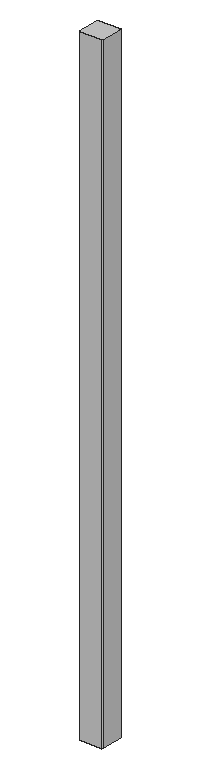
Revit family "Haworth_EncloseFrameless_Accessories_WallModuleIntersection", category Furniture Systems, Revit 2018
Family settings
  Round Connector Dimension = Use Diameter
  Part Type = Normal
  OmniClass Number = 23.25.40.14
  OmniClass Title = Demountable Partitions
  Work Plane-Based = No
  Always vertical = Yes
  Cut with Voids When Loaded = No
  Shared = No
  Room Calculation Point = No
Parameters (values of type "3 Way_90")
  Wdith = if([2 Way 180 Rectangular], 6", 4")  # 4"
  Warranty = "http://www.haworth.com/resources/product-info/warranties"
  Variable Angle Note = "Angle for Variable Angle Post Only"  # constant formula
  URL - Product = "http://www.haworth.com/products/architectural-interiors/moveable-walls/enclose"
  Type Comments = ""
  Sustainability Info = "http://www.haworth.com/company-info/sustainablility"
  Model = "Haworth - Enclose Frameless"  # constant formula
  Min/Max Height = "84-144 in."  # constant formula
  Min. Height = 84"  # constant formula
  Max. Height = 144"  # constant formula
  Variable Angle = 20.00°
  Material Options = "http://surfaces.haworth.com/"
  URL = "www.haworth.com"
  Revision Number = "3"  # constant formula
  Manufacturer = "Haworth"  # constant formula
  Height = 108"
  Frame Finish = Haworth _ Metal _ Brushed Aluminum
  Description = "Accessories-Wall_Module-Intersection"  # constant formula
  Depth = 4"  # constant formula
  Author = "SHAPE Environments, LLC"  # constant formula
  Assembly Code = "C1010200"
  Angle B = Variable Angle / 2 * if(1 = 1, 1, 1)  # 10.00°
  Angle A = 90.00° - Angle B  # 80.00°
  Actual Height = if(Height < Min. Height, Min. Height, if(Height > Max. Height, Max. Height, Height))  # 108"
  3 Way Square = yes
  2 Way Square Corner = no
  2 Way 180 Square = no
  2 Way 180 Rectangular = no
  2 Way 135 = no
  2 Way Variable Angle = no
Types (6): name | Wdith | 3 Way Square | 2 Way Square Corner | 2 Way 180 Square | 2 Way 180 Rectangular | 2 Way 135 | 2 Way Variable Angle
  2 Way_135 | 4" | no | no | no | no | yes | no
  3 Way_90 | 4" | yes | no | no | no | no | no
  2 Way_90 | 4" | no | yes | no | no | no | no
  2 Way_180 | 4" | no | no | yes | no | no | no
  2 Way Variable Angle | 4" | no | no | no | no | no | yes
  2 Way_180_6in. | 6" | no | no | no | yes | no | no
Reference planes (in)
  plane 1 "Center F/B": y = -0.92921
  plane 2: z = 0
  plane 3 "Center L/R": x = 1.1802
  plane 4: y = 1.07079
  plane 5: y = -2.92921
  plane 6 "Top": z = 108
  plane 7 "Right": x = 5.1802
  plane 8: x = 3.1802
Forms (in)
  Extrusion 1, solid, material "Haworth _ Metal _ Brushed Aluminum" <- "Frame Finish", visible <- "2 Way 135"
    sketch origin (0, 1.27417, 0) x (1, 0, 0) y (0, 1, 0)
      loop
        line (1.3352, -0.20562) -> (1.3352, -0.40062) -> (1.1802, -0.40062) -> (1.1802, -4.20114) -> (3.86758, -1.51376) -> (3.75798, -1.40416) -> (3.89586, -1.26628) -> (2.8352, -0.20562) -> (1.3352, -0.20562)
    from 0 to 108
  Extrusion 2, solid, material "Haworth _ Metal _ Brushed Aluminum" <- "Frame Finish", visible <- "2 Way Square Corner"
    sketch origin (4.10941, 2.25099, 0) x (0, -1, 0) y (1, 0, 0)
      loop
        line (1.1802, -2.92921) -> (5.0252, -2.92921) -> (5.0252, -2.73421) -> (5.1802, -2.73421) -> (5.1802, 0.87579) -> (4.9852, 1.07079) -> (1.3752, 1.07079) -> (1.3752, 0.91579) -> (1.1802, 0.91579) -> (1.1802, -2.92921)
    from 0 to 108
  Extrusion 3, solid, material "Haworth _ Metal _ Brushed Aluminum" <- "Frame Finish", visible <- "3 Way Square"
    sketch origin (0, 0, 0) x (1, 0, 0) y (0, 1, 0)
      loop
        line (1.1802, 0.87579) -> (1.1802, -2.73421) -> (1.3752, -2.92921) -> (4.9852, -2.92921) -> (5.1802, -2.73421) -> (5.1802, 0.87579) -> (5.0252, 0.87579) -> (5.0252, 1.07079) -> (1.3352, 1.07079) -> (1.3352, 0.87579) -> (1.1802, 0.87579)
    from 0 to 108
  Extrusion 4, solid, material "Haworth _ Metal _ Brushed Aluminum" <- "Frame Finish", visible <- "2 Way 180 Square"
    sketch origin (0, 0, 0) x (1, 0, 0) y (0, 1, 0)
      loop
        line (1.1802, 0.87579) -> (1.1802, -2.73421) -> (1.3352, -2.73421) -> (1.3352, -2.92921) -> (5.0252, -2.92921) -> (5.0252, -2.73421) -> (5.1802, -2.73421) -> (5.1802, 0.87579) -> (5.0252, 0.87579) -> (5.0252, 1.07079) -> (1.3352, 1.07079) -> (1.3352, 0.87579) -> (1.1802, 0.87579)
    from 0 to 108
  Extrusion 5, solid, material "Haworth _ Metal _ Brushed Aluminum" <- "Frame Finish", visible <- "2 Way 180 Rectangular"
    sketch origin (0, 0, 0) x (1, 0, 0) y (0, 1, 0)
      loop
        line (1.1802, 0.87579) -> (1.1802, -2.73421) -> (1.3352, -2.73421) -> (1.3352, -2.92921) -> (5.0252, -2.92921) -> (5.0252, -2.73421) -> (5.1802, -2.73421) -> (5.1802, 0.87579) -> (5.0252, 0.87579) -> (5.0252, 1.07079) -> (1.3352, 1.07079) -> (1.3352, 0.87579) -> (1.1802, 0.87579)
    from 0 to 108
Dimensions and locks (in)
  equal spacing: plane 4, plane 1 "Center F/B", plane 5
  "Depth": plane 4 to plane 5
  "Actual Height": plane 6 "Top" to plane 2
  locked: Extrusion 1 sketch curve to Extrusion 1 sketch curve at 1.5  (x2)
  equal spacing: Extrusion 1 sketch curve, plane 1 "Center F/B", Extrusion 1 sketch curve
  "Wdith": plane 3 "Center L/R" to plane 7 "Right"
  locked: Extrusion 3 sketch curve to Extrusion 3 sketch curve at 0.155  (x2)
  locked: Extrusion 3 sketch curve to Extrusion 3 sketch curve at 0.195
  Extrusion 3 sketch curve to Extrusion 3 sketch curve = 0.195"
  equal spacing: plane 3 "Center L/R", plane 8, plane 7 "Right"
  locked: Extrusion 1 sketch curve to plane 4 (angle 45.00°)
  "Angle B": angle plane 3 "Center L/R" to nested 1
  "Angle B": angle nested 2 to plane 3 "Center L/R"
  aligned and locked: plane 6 "Top" to Extrusion 1
  aligned and locked: plane 3 "Center L/R" to Extrusion 1 sketch curve
  aligned and locked: plane 4 to Extrusion 3 sketch curve
  aligned: Extrusion 3 sketch curve to plane 3 "Center L/R"  (x2)
  aligned: plane 7 "Right" to Extrusion 3 sketch curve  (x2)
  aligned and locked: Extrusion 3 sketch curve to plane 5
  aligned and locked: Extrusion 4 sketch curve to plane 4
  aligned: Extrusion 4 sketch curve to plane 7 "Right"
  aligned and locked: plane 5 to Extrusion 4 sketch curve
  aligned: plane 3 "Center L/R" to Extrusion 4 sketch curve  (x2)
  aligned and locked: plane 6 "Top" to Extrusion 4
  aligned and locked: plane 6 "Top" to Extrusion 3
  aligned and locked: plane 6 "Top" to Extrusion 2
  aligned: nested 1 to plane 3 "Center L/R"  (x2)
  aligned: plane 4 to nested 1
  aligned: nested 2 to plane 3 "Center L/R"
  aligned and locked: nested 2 to plane 3 "Center L/R"  (x2)
  aligned and locked: nested 1 to plane 3 "Center L/R"
  aligned and locked: Extrusion 2 sketch curve to plane 4
  aligned and locked: plane 3 "Center L/R" to Extrusion 2 sketch curve
  aligned and locked: plane 5 to Extrusion 2 sketch curve
  aligned and locked: Extrusion 2 sketch curve to plane 7 "Right"
  aligned and locked: Extrusion 5 sketch curve to plane 4
  aligned and locked: plane 3 "Center L/R" to Extrusion 5 sketch curve
  aligned and locked: plane 5 to Extrusion 5 sketch curve
  aligned and locked: Extrusion 5 sketch curve to plane 7 "Right"
  aligned and locked: plane 6 "Top" to Extrusion 5
Automatic sketch dimensions
  Extrusion 1 sketch curve to Extrusion 1 sketch curve = 0.155"
  Extrusion 1 sketch curve to Extrusion 1 sketch curve = 0.13789"
  Extrusion 1 sketch curve to Extrusion 1 sketch curve = 0.1096"
  Extrusion 1 sketch curve to Extrusion 1 sketch curve = 0.195"
  Extrusion 2 sketch curve to plane 4 = 0.195"
  plane 5 to Extrusion 2 sketch curve = 0.195"
  Extrusion 2 sketch curve to Extrusion 2 sketch curve = 0.155"
  Extrusion 2 sketch curve to Extrusion 2 sketch curve = 0.195"
  Extrusion 2 sketch curve to plane 7 "Right" = 0.195"
  Extrusion 2 sketch curve to plane 7 "Right" = 0.155"
  Extrusion 3 sketch curve to plane 3 "Center L/R" = 0"
  Extrusion 3 sketch curve to plane 7 "Right" = 0"
  plane 3 "Center L/R" to Extrusion 3 sketch curve = 0.195"
  Extrusion 3 sketch curve to plane 7 "Right" = 0.195"
  plane 5 to Extrusion 3 sketch curve = 0.195"  (x2)
  Extrusion 4 sketch curve to plane 3 "Center L/R" = 0"
  Extrusion 4 sketch curve to plane 7 "Right" = 0"
  plane 3 "Center L/R" to Extrusion 4 sketch curve = 0.155"  (x2)
  Extrusion 4 sketch curve to Extrusion 4 sketch curve = 0.155"  (x2)
  plane 5 to Extrusion 4 sketch curve = 0.195"
  Extrusion 4 sketch curve to Extrusion 4 sketch curve = 0.195"  (x2)
  Extrusion 4 sketch curve to plane 4 = 0.195"
  Extrusion 5 sketch curve to plane 4 = 0.195"  (x2)
  Extrusion 5 sketch curve to Extrusion 5 sketch curve = 0.155"  (x3)
  plane 5 to Extrusion 5 sketch curve = 0.195"  (x2)
  Extrusion 5 sketch curve to Extrusion 5 sketch curve = 0"
Nested families (in)
  nested 1: "Haworth_Enclose-Accessories-Wall_Connector_Variable Angle" at (1.28326, 0.02033, 0) x (-0.9848, -0.1736, 0) z (0, 0, 1), visible <- "2 Way Variable Angle", type "Variable Angle"
  nested 2: "Haworth_Enclose-Accessories-Wall_Connector_Variable Angle" at (1.07715, 0.02033, 0) x (0.9848, -0.1736, 0) z (0, 0, 1), visible <- "2 Way Variable Angle", type "Variable Angle"
Definition of nested family "Haworth_Enclose-Accessories-Wall_Connector_Variable Angle"
  Parameters
    Omni Class Number = "23.25.40.14"  # constant formula
    Min Height = 84"  # constant formula
    Max Height = 144"  # constant formula
    LEED Data = "www.haworth.com/_layouts/Haworth.ProductCatalog/Handlers/GetAsset.ashx/Enclose_LEED_Contribution.pdf?cid=180&rid=1981&type=Leed"
    Sustainability Info = "www.haworth.com/en-us/About-Us/Sustainability/Documents/2005-Global-Sustainability-Report.pdf"
    Material Options = "http://surfaces.haworth.com/library3.cfm"
    Warranty = "http://surfaces.haworth.com/rsWarranty3.cfm"
    URL- Product = "www.haworth.com/en-us/Products/Architectural/Moveable-Walls/Pages/Enclose.aspx"
    URL = "www.haworth.com"
    Revision Number = "1"  # constant formula
    Revision Date = ""
    Manufacturer = "Haworth"  # constant formula
    Height = 108"
    Frame Finish = none
    Depth = 4"  # constant formula
    Author = "SHAPE Environments, LLC"  # constant formula
    Assembly Code = "C1010200"
    Angle = 80.00°
    Actual Height = if(Height < Min Height, Min Height, if(Height > Max Height, Max Height, Height))  # 108"
  Reference planes (in)
    plane 1 "Center F/B": y = -0.92921
    plane 2: z = 0
    plane 3 "Center L/R": x = 1.1802
    plane 4: y = 1.07079
    plane 5: y = -2.92921
    plane 6 "Top": z = 108
  Forms (in)
    Extrusion 1, solid, material <- "Frame Finish"
      sketch origin (-0.65417, 0, 0) x (1, 0, 0) y (0, 1, 0)
        loop
          line (1.39688, 1.07079) -> (1.39688, 1.00079) -> (0.5773, 1.02941) -> (1.26379, -2.86386) -> (1.39688, -2.85921) -> (1.39688, -2.92921) -> (2.27188, -2.92921) -> (2.27188, -2.73321) -> (2.42888, -2.73321) -> (2.42888, 0.87479) -> (2.27188, 0.87479) -> (2.27188, 1.07079) -> (1.39688, 1.07079)
      from 0 to 108
  Lines and regions (in)
    reference lines
      curve 1: line (0.60962, -2.86386, 0) -> (-0.1718, 1.56778, 0)
  Dimensions and locks (in)
    equal spacing: plane 4, plane 1 "Center F/B", plane 5
    "Depth": plane 4 to plane 5
    "Actual Height": plane 6 "Top" to plane 2
    locked: plane 4 to Extrusion 1 sketch curve at 0.07
    locked: Extrusion 1 sketch curve to plane 5 at 0.07
    Extrusion 1 sketch curve to plane 3 "Center L/R" to Extrusion 1 sketch curve = 0.4375", 0.4375"  (x2)
    plane 3 "Center L/R" to Extrusion 1 = 0.5945"
    locked: Extrusion 1 sketch curve to Extrusion 1 sketch curve (angle 88.00°)  (x2)
    "Angle": angle curve 1 to plane 5
    aligned and locked: Extrusion 1 sketch curve to curve 1
    aligned and locked: plane 6 "Top" to Extrusion 1
  Automatic sketch dimensions
    Extrusion 1 sketch curve to plane 5 = 0"
    Extrusion 1 sketch curve to plane 4 = 0"
    plane 5 to Extrusion 1 sketch curve = 0.196"
    Extrusion 1 sketch curve to Extrusion 1 sketch curve = 0.157"
    Extrusion 1 sketch curve to plane 4 = 0.196"
    plane 5 to curve 1 = 0.06535"
    curve 1 to plane 3 "Center L/R" = 0.57058"
